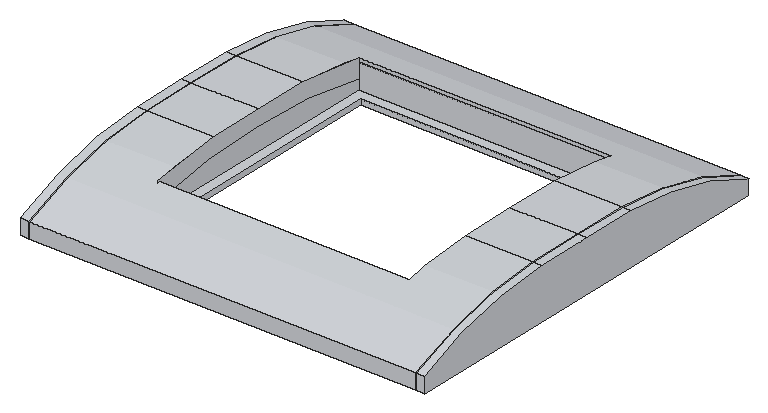
Revit family "Gira_0211743", category Electrical Fixtures, host Face, Revit 2017
Family settings
  Host = Face
  Maintain Annotation Orientation = No
  Round Connector Dimension = Use Diameter
  Part Type = Normal
  Cut with Voids When Loaded = No
  Shared = No
  Room Calculation Point = No
Parameters (values of type "Cov.fr. 1-g interm.fr. PW Gira Event Clear green")
  URL = "http://katalog.gira.de/en/datenblatt.html?artikelnr=0211743"
  Transparent = "No"
  Name = "Cov.fr. 1-g interm.fr. PW Gira Event Clear green"
  Manufacturer URL = "https://www.gira.de/"
  Manufacturer = "Gira"
  Label space/information surface = "No"
  Keynote = ""
  HeinzeBIM = "https://bimportal.heinze.de/bim/cov-fr-1-g-interm-fr-pw-gira-event-clear-green/040dee9549b92a6dc39e22d9c43f6b6a8da152b1"
  HAN = "0211743"
  GTIN = "4010337068952"
  Description = "Cov.fr.1g i.fr.PW EvCl GN,Gira Event Clear cover frame,green with pure white glossy intermediate frame,1-gang,Features:,- Shatter-proof."
  Default Elevation = 1219.2 mm
  Data sheet (1) = "https://katalog.gira.de/en/download.html?artikelnr=0211743"
  Category = "Cover frame for domestic switching devices"
  BIM (1) = "https://media.stage.bim.site/public/gira/36a6b08/Event_Rahmen_1fach.rfa"
  Available = "No"
Reference planes
  plane 1 "Center (Front/Back)": y = 0
  plane 2: z = 0
  plane 3 "Center (Left/Right)": x = 0
Forms (mm)
  Extrusion 1, solid, detail levels fine
    sketch origin (0, 0, 1.55) x (0, 1, 0) y (0, 0, 1)
      loop
        arc (12.445, 9.683) -> (6.223, 9.833) -> (0, 9.85) r 291.636
        arc (0, 9.85) -> (-6.223, 9.833) -> (-12.445, 9.683) r 291.636
        arc (-12.445, 9.683) -> (-29.14, 7.482) -> (-45, 1.823) r 79.728
        line (-45, 1.823) -> (-45, -1.55) -> (-41.777, -1.55) -> (-41.777, -0.55)
        arc (-41.777, -0.55) -> (-21.205, 4.846) -> (0, 6.467) r 118.15
        arc (0, 6.467) -> (21.205, 4.846) -> (41.777, -0.55) r 118.15
        line (41.777, -0.55) -> (41.777, -1.55) -> (45, -1.55) -> (45, 1.823)
        arc (45, 1.823) -> (29.14, 7.482) -> (12.445, 9.683) r 79.728
    from -43 to 43
  Extrusion 2, void, detail levels fine
    sketch origin (0, 0, 0) x (1, 0, 0) y (0, 1, 0)
      loop
        line (-28, -28) -> (28, -28) -> (28, 28) -> (-28, 28) -> (-28, -28)
    from 2.85 to 12
  Extrusion 3, solid, detail levels coarse
    sketch origin (0, 0, 0) x (1, 0, 0) y (0, 1, 0)
      loop
        line (-45, 45) -> (-45, -45) -> (45, -45) -> (45, 45) -> (-45, 45)
    from 0 to 11.4
  Extrusion 4, solid, detail levels medium
    sketch origin (0, 0, 1.55) x (0, 1, 0) y (0, 0, 1)
      loop
        arc (12.445, 9.683) -> (6.223, 9.833) -> (0, 9.85) r 291.636
        arc (0, 9.85) -> (-6.223, 9.833) -> (-12.445, 9.683) r 291.636
        arc (-12.445, 9.683) -> (-29.14, 7.482) -> (-45, 1.823) r 79.728
        line (-45, 1.823) -> (-45, -1.55) -> (45, -1.55) -> (45, 1.823)
        arc (45, 1.823) -> (29.14, 7.482) -> (12.445, 9.683) r 79.728
    from -45 to 45
  Extrusion 5, solid, detail levels fine
    sketch origin (0, 0, 0) x (0, 1, 0) y (0, 0, 1)
      loop
        arc (45, 3.373) -> (29.14, 9.032) -> (12.445, 11.233) r 79.728
        arc (12.445, 11.233) -> (6.223, 11.383) -> (0, 11.4) r 291.636
        arc (0, 11.4) -> (-6.223, 11.383) -> (-12.445, 11.233) r 291.636
        arc (-12.445, 11.233) -> (-29.14, 9.032) -> (-45, 3.373) r 79.728
        line (-45, 3.373) -> (-45, 0) -> (45, 0) -> (45, 3.373)
    from 43 to 45
  Extrusion 6, solid, detail levels fine
    sketch origin (0, 0, 0) x (0, 1, 0) y (0, 0, -1)
      loop
        line (45, -3.373) -> (45, 0) -> (-45, 0) -> (-45, -3.373)
        arc (-45, -3.373) -> (-29.14, -9.032) -> (-12.445, -11.233) r 79.728
        arc (-12.445, -11.233) -> (-6.223, -11.383) -> (0, -11.4) r 291.636
        arc (0, -11.4) -> (6.223, -11.383) -> (12.445, -11.233) r 291.636
        arc (12.445, -11.233) -> (29.14, -9.032) -> (45, -3.373) r 79.728
    from 43 to 45
  Extrusion 7, solid, detail levels fine
    sketch origin (0, 0, 0) x (1, 0, 0) y (0, 1, 0)
      loop
        line (-25.7, 25.7) -> (-25.7, -25.7) -> (25.7, -25.7) -> (25.7, 25.7) -> (-25.7, 25.7)
      loop
        line (-29.495, 27.895) -> (-29.495, -27.895)
        spline (-29.495, -27.895) -> (-29.486, -28.025) -> (-29.461, -28.154) -> (-29.419, -28.278) -> (-29.361, -28.395) -> (-29.288, -28.504) -> (-29.202, -28.602) -> (-29.104, -28.688) -> (-28.995, -28.761) -> (-28.878, -28.819) -> (-28.754, -28.861) -> (-28.625, -28.886) -> (-28.495, -28.895)
        line (-28.495, -28.895) -> (28.495, -28.895)
        spline (28.495, -28.895) -> (28.625, -28.886) -> (28.754, -28.861) -> (28.878, -28.819) -> (28.995, -28.761) -> (29.104, -28.688) -> (29.202, -28.602) -> (29.288, -28.504) -> (29.361, -28.395) -> (29.419, -28.278) -> (29.461, -28.154) -> (29.486, -28.025) -> (29.495, -27.895)
        line (29.495, -27.895) -> (29.495, 27.895)
        spline (29.495, 27.895) -> (29.486, 28.025) -> (29.461, 28.154) -> (29.419, 28.278) -> (29.361, 28.395) -> (29.288, 28.504) -> (29.202, 28.602) -> (29.104, 28.688) -> (28.995, 28.761) -> (28.878, 28.819) -> (28.754, 28.861) -> (28.625, 28.886) -> (28.495, 28.895)
        line (28.495, 28.895) -> (-28.495, 28.895)
        spline (-28.495, 28.895) -> (-28.625, 28.886) -> (-28.754, 28.861) -> (-28.878, 28.819) -> (-28.995, 28.761) -> (-29.104, 28.688) -> (-29.202, 28.602) -> (-29.288, 28.504) -> (-29.361, 28.395) -> (-29.419, 28.278) -> (-29.461, 28.154) -> (-29.486, 28.025) -> (-29.495, 27.895)
    from 1.673 to 8.5
Cuts and joins
  Extrusion 2 cuts Extrusion 1
  Extrusion 2 cuts Extrusion 7
Dimensions and locks
  aligned and locked: plane 2 to host face
  aligned and locked: level to host face
